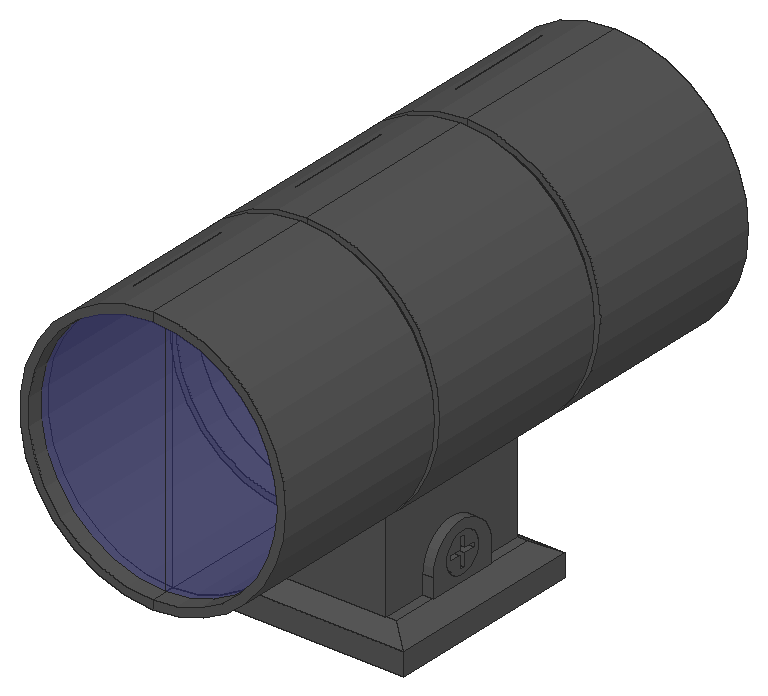
Revit family "CARLO CYLINDER LIGHT WALL MOUNT", category Lighting Fixtures, host Face, Revit 2020 (continued)
Types (10): name | Wattage_Input | Wattage Comments | Wattage | Photometric Web File | built-in parameter 1150142 | Model | built-in parameter 1150105 | Lumens | Light Length 1 | LIGHT RADIUS | LIGHT PLACEMENT | LIGHT LENGTH | LIGHT DIA | built-in parameter 1150106 | FIXED END HEIGHT | Curve base Height | Base Curve | BEAMING ANGLE | Apparent Load
     0.20546 0.18031 0.1578 0.1413 0.12668 0.10967 \r\n 0.094068 0.084025 0.074196 0.05831 0.043288 0.036107 0.030326 0.02023 0.010623 0.0049246 \r\n 0.0015754 0.00059539 0.0006634 0.0002747 0 0 0 0 0 0 \r\n 0 0 0 0 0 0 0 0 0 0 \r\n 0 0 0 0 0 0 0 0 0 0 \r\n 0 0 0 0 0 0 0.000056 0.0029084 0.0075867 0.014477 \r\n 0.022246 0.029466 0.036803 0.044494 0.052403 0.060058 0.068707 0.079711 0.092245 0.1062 \r\n 0.12079 0.13468 0.14942 0.16618 0.18485 0.20591 0.22867 0.25226 0.27774 0.30671 \r\n 0.33665 0.36447 0.39352 0.42633 0.46235 0.50581 0.55208 0.59659 0.64339 0.69484 \r\n 0.75148 0.81619 0.88434 0.95304 1.0199 1.0769 1.1378 1.2193 1.3055 1.3847 \r\n 1.4611 1.5283 1.6057 1.7201 1.842 1.9438 2.0458 2.1625 2.2844 2.4093 \r\n 2.5297 2.6253 2.7328 2.8871 3.074 3.2965 3.5374 3.7812 4.0261 4.2286 \r\n 4.498 4.9888 5.5224 5.9471 6.3365 6.7044 7.0772 7.4737 7.9304 8.5198 \r\n 9.153 9.6713 10.357 11.24 12.922 15.989 20.515 27.138 34.743 42.256 \r\n 50.183 58.802 67.728 76.707 85.622 94.321 102.65 110.47 117.54 123.42 \r\n 128.53 133.31 137.23 139.51 141.21 143.3 145.33 147.14 148.95 150.94 \r\n 153.09 155.41 157.97 160.86 164.02 167.44 171.17 175.22 179.75 184.82 \r\n 190.66 197.5 205.43 214.47 224.97 237.46 251.41 266.45 282.59 299.81 \r\n 317.82 336.3 355.27 374.72 394.51 414.54 434.71 454.78 475.06 496 \r\n 516.82 536.56 556.26 577.13 597.74 616.66 635.02 653.61 672.01 690.23 \r\n 707.77 723.96 739.33 754.13 768.53 782.88 796.87 810.39 823.09 834.63 \r\n 844.89 853.41 860.77 867.46 873.31 878.2 882.5 886.72 890.34 892.98 \r\n 896.17 \r\n892.81 895.15 893.45 890.31 886.01 880.79 874.69 867.86 860.15 851.46 \r\n 841.77 830.92 819.31 807.48 794.92 781.21 766.55 750.86 734.51 717.86 \r\n 700.8 683.34 665.34 646.55 627.27 607.71 587.94 568.23 548.2 527.3 \r\n 506.31 486.05 465.91 445.32 424.93 405.33 386.06 366.76 347.71 329.01 \r\n 310.83 293.12 276.52 262.05 248.39 233.87 220.43 209.83 200.9 193 \r\n 186.24 180.65 175.87 171.53 167.68 164.3 161.24 158.35 155.65 153.11 \r\n 150.78 148.75 146.88 145.06 143.34 141.78 140.23 138.56 136.79 135.18 \r\n 132.88 128.96 123.99 118.22 111.61 104.05 95.993 87.933 79.674 71.052 \r\n 62.456 54.229 46.35 38.939 31.916 24.986 18.922 14.485 11.423 10.052 \r\n 9.4328 8.6566 7.9492 7.1998 6.5096 5.9587 5.4992 5.1091 4.7912 4.5573 \r\n 4.3587 4.1474 3.9337 3.7076 3.4824 3.2649 3.0649 2.8967 2.7541 2.6437 \r\n 2.542 2.4262 2.3018 2.1578 2.0202 1.9202 1.8305 1.7324 1.632 1.5229 \r\n 1.4235 1.3611 1.3025 1.2154 1.125 1.048 0.97858 0.91973 0.86176 0.79099 \r\n 0.72227 0.6682 0.62181 0.58225 0.54368 0.49712 0.45117 0.41252 0.37788 0.34718 \r\n 0.31838 0.28882 0.26022 0.2336 0.20843 0.18403 0.16187 0.14401 0.12806 0.11155 \r\n 0.096725 0.086546 0.076356 0.060135 0.04493 0.038097 0.032694 0.022491 0.012704 0.0070856 \r\n 0.0037968 0.0026286 0.0024446 0.0019309 0.0014118 0.00065136 0.000018 0 0 0 \r\n 0 0 0 0 0 0 0 0 0 0 \r\n 0 0 0 0 0 0 0 0 0 0 \r\n 0 0 0 0 0 0 0 0.0026941 0.0072203 0.014035 \r\n 0.021878 0.029536 0.037314 0.045034 0.052926 0.060802 0.069743 0.08105 0.093871 0.10812 \r\n 0.12279 0.13602 0.15026 0.16758 0.18727 0.2099 0.23368 0.25593 0.27993 0.30938 \r\n 0.34027 0.36866 0.39797 0.43011 0.46562 0.50976 0.55718 0.60323 0.65115 0.7021 \r\n 0.75772 0.82146 0.88903 0.95841 1.0262 1.084 1.1452 1.2258 1.3099 1.3845 \r\n 1.4575 1.5288 1.6099 1.72 1.8368 1.939 2.0426 2.1596 2.2802 2.3991 \r\n 2.5143 2.6108 2.7222 2.882 3.075 3.3028 3.5474 3.79 4.0344 4.2409 \r\n 4.5214 5.0351 5.5995 6.0638 6.4921 6.8878 7.2824 7.698 8.1669 8.7562 \r\n 9.3839 9.8768 10.577 11.589 13.449 16.716 21.429 28.167 35.868 43.519 \r\n 51.561 60.209 69.127 78.103 86.981 95.552 103.75 111.58 118.63 124.36 \r\n 129.27 133.87 137.63 139.88 141.58 143.62 145.62 147.42 149.24 151.25 \r\n 153.44 155.78 158.38 161.31 164.52 167.99 171.78 175.91 180.52 185.69 \r\n 191.66 198.69 206.86 216.39 227.25 239.51 253.19 268.48 284.96 302.31 \r\n 320.38 338.92 357.91 377.28 396.97 416.96 437.1 457.17 477.41 498.19 \r\n 518.88 538.64 558.39 579.2 599.72 618.55 636.83 655.39 673.76 691.85 \r\n 709.26 725.41 740.77 755.58 769.98 784.28 798.19 811.6 824.16 835.51 \r\n 845.61 854.12 861.49 868.07 873.81 878.68 882.95 887.03 890.49 893.02 \r\n 896.17 \r\n892.81 895.29 893.77 890.67 886.37 881.2 875.14 868.3 860.56 851.82 \r\n 842.12 831.35 819.84 808.05 795.49 781.73 767.03 751.4 735.11 718.46 \r\n 701.34 683.8 665.75 647.08 627.99 608.64 589.06 569.41 549.42 528.62 \r\n 507.72 487.39 467.18 446.73 426.47 406.82 387.48 368.25 349.3 330.73 \r\n 312.62 294.87 278.11 263.34 249.37 234.79 221.33 210.59 201.51 193.54 \r\n 186.74 181.09 176.25 171.86 167.97 164.58 161.52 158.62 155.92 153.37 \r\n 151.02 148.98 147.1 145.27 143.55 141.99 140.46 138.85 137.16 135.7 \r\n 133.52 129.5 124.51 119.19 113.06 105.65 97.615 89.521 81.191 72.502 \r\n 63.862 55.68 47.824 40.285 33.107 26.118 19.959 15.238 11.879 10.342 \r\n 9.6349 8.8658 8.1876 7.4094 6.6719 6.0624 5.5509 5.1412 4.82 4.595 \r\n 4.4068 4.1919 3.9704 3.7357 3.5051 3.2935 3.1016 2.9361 2.7934 2.6785 \r\n 2.572 2.4554 2.3311 2.1865 2.0478 1.9452 1.8537 1.7569 1.6583 1.5495 \r\n 1.4496 1.3857 1.3264 1.2422 1.1546 1.0758 1.0036 0.94283 0.88374 0.8136 \r\n 0.74575 0.6916 0.6443 0.60219 0.56104 0.51372 0.46733 0.4274 0.39146 0.36147 \r\n 0.33315 0.30149 0.27071 0.24385 0.21939 0.19693 0.17619 0.15659 0.13861 0.12243 \r\n 0.10832 0.097793 0.087316 0.07185 0.057398 0.050332 0.044506 0.034419 0.024509 0.017819 \r\n 0.013028 0.010137 0.0082151 0.0063284 0.0044892 0.0020435 0.000056 0 0 0 \r\n 0 0 0 0 0 0 0 0 0 0 \r\n 0 0 0 0 0 0 0 0 0 0 \r\n 0 0 0 0 0 0 0 0.0018232 0.0050312 0.010034 \r\n 0.01611 0.022702 0.029732 0.036717 0.044318 0.053001 0.062876 0.074163 0.086997 0.10233 \r\n 0.11792 0.13053 0.14412 0.16195 0.18296 0.20858 0.23465 0.25532 0.27708 0.30613 \r\n 0.33758 0.36802 0.39919 0.431 0.46558 0.50829 0.55489 0.60286 0.65245 0.70167 \r\n 0.75484 0.81711 0.88403 0.95402 1.0235 1.0846 1.149 1.2314 1.3155 1.3851 \r\n 1.4552 1.5354 1.6252 1.7307 1.8409 1.9436 2.0494 2.1689 2.2901 2.4022 \r\n 2.5122 2.6148 2.7356 2.9035 3.1032 3.3351 3.5813 3.8195 4.0637 4.2907 \r\n 4.5893 5.0926 5.6447 6.1184 6.5611 6.9641 7.3688 7.808 8.2998 8.896 \r\n 9.5276 10.003 10.741 11.936 14.064 17.707 22.746 29.53 37.238 45.081 \r\n 53.315 62.03 70.937 79.806 88.546 97.017 105.14 112.94 119.97 125.61 \r\n 130.37 134.66 138.15 140.36 142.09 144.1 146.06 147.86 149.7 151.75 \r\n 153.97 156.39 159.05 162.04 165.31 168.84 172.71 176.94 181.69 187.01 \r\n 193.18 200.41 208.9 219.09 230.51 242.63 256.04 271.41 288.04 305.51 \r\n 323.7 342.35 361.4 380.66 400.22 420.17 440.31 460.45 480.7 501.21 \r\n 521.64 541.58 561.52 582.15 602.42 621.19 639.46 658 676.3 694.18 \r\n 711.38 727.45 742.78 757.52 771.89 786.32 800.28 813.47 825.71 836.73 \r\n 846.57 855.05 862.42 868.87 874.48 879.35 883.62 887.57 890.87 893.22 \r\n 896.17 \r\n892.81 895.41 894.05 890.99 886.69 881.58 875.56 868.7 860.92 852.13 \r\n 842.42 831.77 820.39 808.64 796.07 782.23 767.46 751.9 735.68 719.01 \r\n 701.85 684.21 666.11 647.58 628.71 609.56 590.15 570.55 550.59 529.91 \r\n 509.1 488.69 468.41 448.1 427.98 408.25 388.82 369.67 350.84 332.4 \r\n 314.36 296.57 279.67 264.51 250.2 235.65 222.26 211.37 202.11 194.07 \r\n 187.23 181.52 176.63 172.18 168.25 164.85 161.8 158.9 156.2 153.63 \r\n 151.28 149.21 147.32 145.49 143.76 142.19 140.67 139.12 137.52 136.13 \r\n 134 129.9 124.93 120.07 114.43 107.18 99.166 91.024 82.616 73.881 \r\n 65.216 57.079 49.237 41.544 34.197 27.19 20.989 16.023 12.388 10.659 \r\n 9.8286 9.0643 8.4221 7.6197 6.8392 6.1715 5.6074 5.1781 4.8539 4.639 \r\n 4.4621 4.2423 4.0117 3.7683 3.5328 3.3284 3.1456 2.9833 2.8404 2.7201 \r\n 2.6076 2.489 2.3641 2.22 2.0813 1.9752 1.8803 1.7843 1.6876 1.5801 \r\n 1.4806 1.4139 1.3525 1.2715 1.1871 1.1068 1.0317 0.96846 0.90766 0.83851 \r\n 0.77201 0.71768 0.66914 0.62397 0.57979 0.53164 0.48485 0.44365 0.40634 0.37695 \r\n 0.34907 0.31546 0.28263 0.25538 0.23151 0.2112 0.19211 0.17078 0.15071 0.13479 \r\n 0.12131 0.11031 0.099479 0.085005 0.071525 0.064086 0.057649 0.047718 0.037706 0.029751 \r\n 0.023188 0.018305 0.014385 0.010895 0.0075706 0.0034128 0.000095 0 0 0 \r\n 0 0 0 0 0 0 0 0 0 0 \r\n 0 0 0 0 0 0 0 0 0 0 \r\n 0 0 0 0 0 0 0 0.00095023 0.0027721 0.0057188 \r\n 0.0097455 0.015044 0.021158 0.027335 0.034647 0.044233 0.055138 0.066379 0.079184 0.095614 \r\n 0.11218 0.12426 0.13731 0.15562 0.17797 0.20681 0.23539 0.25451 0.274 0.30244 \r\n 0.33433 0.36718 0.40064 0.43228 0.46594 0.5068 0.55216 0.60206 0.65343 0.70088 \r\n 0.75154 0.81237 0.87861 0.94897 1.0201 1.0852 1.1538 1.2383 1.3228 1.3878 \r\n 1.4555 1.5459 1.6452 1.746 1.8495 1.9529 2.0614 2.1838 2.306 2.4114 \r\n 2.5165 2.6264 2.7578 2.9342 3.1407 3.3758 3.6228 3.8558 4.0997 4.3505 \r\n 4.668 5.1508 5.6778 6.1507 6.5997 7.0056 7.4192 7.8843 8.4024 9.0069 \r\n 9.6457 10.112 10.902 12.307 14.737 18.8 24.196 31.01 38.697 46.723 \r\n 55.147 63.934 72.83 81.571 90.155 98.534 106.59 114.33 121.3 126.89 \r\n 131.53 135.49 138.66 140.84 142.62 144.58 146.51 148.33 150.2 152.27 \r\n 154.54 157.04 159.79 162.82 166.15 169.75 173.71 178.04 182.92 188.42 \r\n 194.81 202.24 211.05 221.92 233.91 245.94 259.13 274.53 291.25 308.83 \r\n 327.12 345.89 365 384.17 403.61 423.5 443.63 463.86 484.14 504.35 \r\n 524.52 544.67 564.82 585.22 605.2 623.94 642.21 660.73 678.95 696.62 \r\n 713.6 729.59 744.88 759.54 773.88 788.47 802.53 815.46 827.34 838.02 \r\n 847.58 856.02 863.4 869.72 875.2 880.06 884.33 888.17 891.3 893.47 \r\n 896.17 \r\n892.81 895.5 894.31 891.3 887.01 881.95 875.97 869.09 861.28 852.46 \r\n 842.77 832.25 821.01 809.3 796.71 782.8 767.96 752.45 736.31 719.66 \r\n 702.48 684.73 666.59 648.22 629.55 610.6 591.33 571.78 551.85 531.29 \r\n 510.56 490.09 469.75 449.58 429.59 409.77 390.25 371.17 352.47 334.13 \r\n 316.16 298.35 281.3 265.74 251.07 236.62 223.37 212.28 202.79 194.67 \r\n 187.79 182.02 177.06 172.56 168.6 165.18 162.13 159.23 156.52 153.95 \r\n 151.58 149.5 147.58 145.74 144.01 142.42 140.9 139.42 137.88 136.51 \r\n 134.38 130.26 125.38 120.96 115.78 108.68 100.69 92.497 84.013 75.259 \r\n 66.596 58.496 50.649 42.786 35.263 28.253 22.032 16.856 12.966 11.013 \r\n 10.021 9.2555 8.6528 7.8316 7.0136 6.2886 5.6709 5.22 4.8906 4.6854 \r\n 4.5198 4.2953 4.0557 3.8044 3.5647 3.3672 3.1933 3.0341 2.8907 2.7647 \r\n 2.6456 2.5241 2.3981 2.2556 2.1178 2.0072 1.9078 1.8121 1.7172 1.6118 \r\n 1.5132 1.4427 1.3779 1.3001 1.2192 1.1375 1.0596 0.99357 0.93096 0.86327 \r\n 0.79853 0.74367 0.69345 0.64519 0.59808 0.54924 0.50217 0.45968 0.42091 0.39191 \r\n 0.36435 0.32914 0.29458 0.26678 0.24324 0.22504 0.20764 0.18472 0.16267 0.14694 \r\n 0.13397 0.12236 0.11111 0.097677 0.085228 0.07735 0.070218 0.060418 0.050304 0.04109 \r\n 0.032773 0.025914 0.020025 0.014976 0.010255 0.0045892 0.00012861 0 0 0 \r\n 0 0 0 0 0 0 0 0 0 0 \r\n 0 0 0 0 0 0 0 0 0 0 \r\n 0 0 0 0 0 0 0 0.00027567 0.00093205 0.0019297 \r\n 0.0039777 0.0080519 0.013314 0.018773 0.02586 0.036325 0.048221 0.05944 0.072211 0.089578 \r\n 0.10699 0.11871 0.13137 0.15014 0.17374 0.20569 0.23675 0.25452 0.27191 0.29967 \r\n 0.33194 0.36729 0.4032 0.43486 0.46775 0.50668 0.55065 0.60233 0.65546 0.70144 \r\n 0.74997 0.80954 0.87518 0.94558 1.0182 1.0878 1.161 1.2475 1.3321 1.3935 \r\n 1.4596 1.5602 1.6691 1.7655 1.8628 1.9672 2.0785 2.2037 2.3271 2.4267 \r\n 2.5276 2.645 2.787 2.9718 3.1847 3.4226 3.6696 3.8973 4.1406 4.4157 \r\n 4.7509 5.2078 5.7025 6.1666 6.6155 7.0224 7.4451 7.9375 8.4838 9.0967 \r\n 9.7452 10.211 11.068 12.706 15.46 19.953 25.71 32.548 40.202 48.384 \r\n 56.973 65.829 74.718 83.33 91.759 100.06 108.04 115.68 122.55 128.12 \r\n 132.68 136.3 139.16 141.31 143.13 145.05 146.95 148.79 150.7 152.8 \r\n 155.12 157.69 160.52 163.6 166.98 170.65 174.7 179.14 184.14 189.83 \r\n 196.43 204.08 213.2 224.69 237.22 249.23 262.26 277.67 294.46 312.11 \r\n 330.49 349.36 368.53 387.63 406.97 426.79 446.88 467.21 487.53 507.45 \r\n 527.37 547.73 568.09 588.23 607.91 626.61 644.91 663.41 681.56 699.02 \r\n 715.79 731.7 746.94 761.54 775.87 790.63 804.79 817.45 828.96 839.31 \r\n 848.6 856.99 864.37 870.56 875.91 880.78 885.04 888.78 891.76 893.75 \r\n 896.17 \r\n892.81 895.58 894.55 891.61 887.34 882.33 876.39 869.5 861.67 852.87 \r\n 843.22 832.85 821.75 810.08 797.49 783.51 768.63 753.19 737.13 720.52 \r\n 703.35 685.54 667.36 649.14 630.68 611.88 592.74 573.23 553.32 532.87 \r\n 512.24 491.73 471.36 451.31 431.42 411.52 391.91 372.9 354.3 336.06 \r\n 318.14 300.31 283.14 267.18 252.18 237.87 224.79 213.46 203.65 195.43 \r\n 188.49 182.64 177.61 173.06 169.05 165.61 162.55 159.65 156.93 154.36 \r\n 151.98 149.87 147.93 146.07 144.33 142.72 141.19 139.77 138.29 136.89 \r\n 134.75 130.69 125.97 121.94 117.14 110.18 102.23 93.99 85.447 76.709 \r\n 68.074 59.995 52.12 44.083 36.381 29.356 23.112 17.753 13.627 11.415 \r\n 10.221 9.4426 8.88 8.0455 7.1969 6.4162 5.7438 5.267 4.9278 4.7304 \r\n 4.5755 4.3471 4.1003 3.8426 3.5996 3.408 3.2413 3.0843 2.9401 2.8085 \r\n 2.6831 2.558 2.4306 2.2905 2.1544 2.0384 1.9333 1.8377 1.7447 1.6418 \r\n 1.5444 1.4692 1.4 1.3251 1.2478 1.1645 1.0837 1.0151 0.95105 0.8854 \r\n 0.82277 0.76681 0.71434 0.66344 0.61407 0.56496 0.51785 0.47391 0.43357 0.40461 \r\n 0.37717 0.34092 0.30521 0.27665 0.25305 0.23663 0.22074 0.19655 0.17285 0.15722 \r\n 0.14456 0.13225 0.12047 0.10795 0.096425 0.088111 0.080304 0.070553 0.060313 0.05005 \r\n 0.040277 0.031743 0.024205 0.017918 0.012141 0.0054023 0.0001522 0 0 0 \r\n 0 0 0 0 0 0 0 0 0 0 \r\n 0 0 0 0 0 0 0 0 0 0 \r\n 0 0 0 0 0 0 0 0 0 0 \r\n 0 0.0032134 0.007924 0.012913 0.019901 0.031104 0.043815 0.055085 0.067859 0.085826 \r\n 0.1038 0.11536 0.1279 0.14708 0.17173 0.20635 0.23955 0.2563 0.27205 0.29922 \r\n 0.33182 0.36952 0.40778 0.43965 0.47203 0.50928 0.55199 0.60517 0.65989 0.7053 \r\n 0.75222 0.81096 0.87611 0.94618 1.0198 1.0941 1.1719 1.2597 1.344 1.403 \r\n 1.4688 1.5787 1.696 1.7889 1.8808 1.9866 2.1008 2.2286 2.3529 2.448 \r\n 2.5459 2.6701 2.8215 3.014 3.2329 3.4729 3.7196 3.9422 4.1848 4.4816 \r\n 4.8316 5.2615 5.7223 6.1721 6.6159 7.0244 7.458 7.9782 8.5531 9.1733 \r\n 9.8333 10.309 11.246 13.135 16.221 21.124 27.217 34.09 41.712 50.003 \r\n 58.707 67.621 76.51 85.013 93.308 101.54 109.44 116.93 123.66 129.23 \r\n 133.76 137.06 139.6 141.73 143.59 145.48 147.35 149.21 151.17 153.3 \r\n 155.66 158.31 161.21 164.33 167.75 171.49 175.62 180.15 185.28 191.15 \r\n 197.96 205.82 215.21 227.22 240.21 252.29 265.27 280.7 297.51 315.2 \r\n 333.62 352.57 371.79 390.87 410.14 429.86 449.88 470.3 490.67 510.34 \r\n 530.05 550.6 571.13 591 610.37 629.05 647.39 665.86 683.94 701.22 \r\n 717.81 733.65 748.85 763.42 777.75 792.65 806.89 819.31 830.47 840.52 \r\n 849.59 857.93 865.3 871.36 876.6 881.45 885.7 889.35 892.2 894.03 \r\n 896.17 \r\n" | "CCL3-09-10SPSW8-PC-40-WM-BK" | 1049.3 (stored number, unit not read) | 950 lm | 0' - 2.99349" | 0' - 1 1/2" | 0' - 3 117/128" | 0' - 8 251/256" | 0' - 3" | 10.493 (stored number, unit not read) | 0' - 5 53/128" | 0' - 3 1/2" | 0' - 1 77/128" | 40.00° | 12.5 VA
